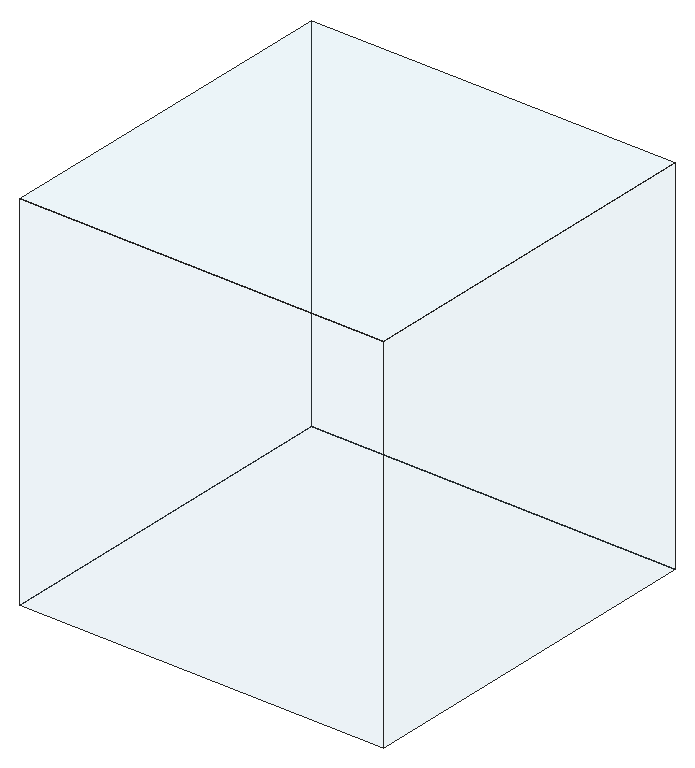
Revit family "WAGNER_модуль_управления_вентилятором", category Электрооборудование, Revit 2017
Family settings
  Размер круглого соединителя = Использовать диаметр
  Тип детали = Другая панель
  Номер OmniClass = 23.85.30.21.11.14
  Заголовок OmniClass = Alarm Panels
  На основе рабочей плоскости = Нет
  Всегда вертикально = Да
  При загрузке вырезать с полостями = Нет
  Общий = Да
  Точка расчета площади = Нет
Parameters (values of type "Typ FC-3")
  Описание = ADSK_Наименование  # "Модуль управления вентилятором"
  Наличие [instance] = yes
  Изготовитель = [ADSK_Завод-изготовитель]  # "WAGNER"
  bimon.ru = "bimon.ru"
  WAGNER_Тип = "Typ FC-3"  # constant formula
  WAGNER_Название = "Модуль управления вентилятором"  # constant formula
  WAGNER_Артикул = "09-20-6830"  # constant formula
  Uniclass Title = "Fire alarm panels"  # constant formula
  Uniclass Code = "Pr_75_75_30_29"  # constant formula
  URL = "www.wagner-russia.com"
  UNSPSC Title = "Fire alarm systems"  # constant formula
  UNSPSC Code = "46191505"  # constant formula
  OmniClass Title = "Alarm Panels"  # constant formula
  OmniClass Code = "23.85.30.21.11.14"  # constant formula
  Masterformat Title = "Fire Alarm Notification Appliances"  # constant formula
  Masterformat Code = "28 46 23"  # constant formula
  IFC Classification = ""
  COBie Category = "Fire alarm panels"  # constant formula
  ADSK_Размер_Ширина = 0 mm  # constant formula
  ADSK_Размер_Длина = 0 mm  # constant formula
  ADSK_Размер_Высота = 0 mm  # constant formula
  ADSK_Наименование краткое = WAGNER_Название  # "Модуль управления вентилятором"
  ADSK_Наименование = WAGNER_Название  # "Модуль управления вентилятором"
  ADSK_Материал = Стекло
  ADSK_Масса_Текст = ""
  ADSK_Марка = WAGNER_Тип  # "Typ FC-3"
  ADSK_Код изделия = "-"  # constant formula
  ADSK_Завод-изготовитель = "WAGNER"  # constant formula
  ADSK_Единица измерения = "шт."  # constant formula
  ADSK_Дата изменения = "18.07.20"  # constant formula
  ADSK_Версия семейства = "Версия 1"  # constant formula
  ADSK_Версия Revit = "Revit 2017"  # constant formula
  ADSK_URL страницы изделия = "https://ru.wagnergroup.com/systeme/brandfrueherkennung-mit-titanusr-ansaugrauchmeldern.html"
  ADSK_URL документации изделия = "https://ru.wagnergroup.com/ru/centr-zagruzki/katalog.html"
Reference planes
  plane 1 "По центру (Вперед/Назад)": y = -115
  plane 2: z = 0
  plane 3 "По центру (Влево/Вправо)": x = -926.101
  plane 4: through (0, -115, 0) normal (0, 0.4226, -0.9063)
  plane 5: through (0, -115, 0) normal (0, 0.4226, 0.9063)
Forms (mm)
  Extrusion 1, solid, material "Стекло", visible <- "Наличие"
    sketch origin (0, -422.5, 0) x (0, 0, -1) y (1, 0, 0)
      loop
        line (-1, -927.101) -> (1, -927.101) -> (1, -925.101) -> (-1, -925.101) -> (-1, -927.101)
    from -1 to 1
Dimensions and locks
  aligned and locked: level to plane 2
